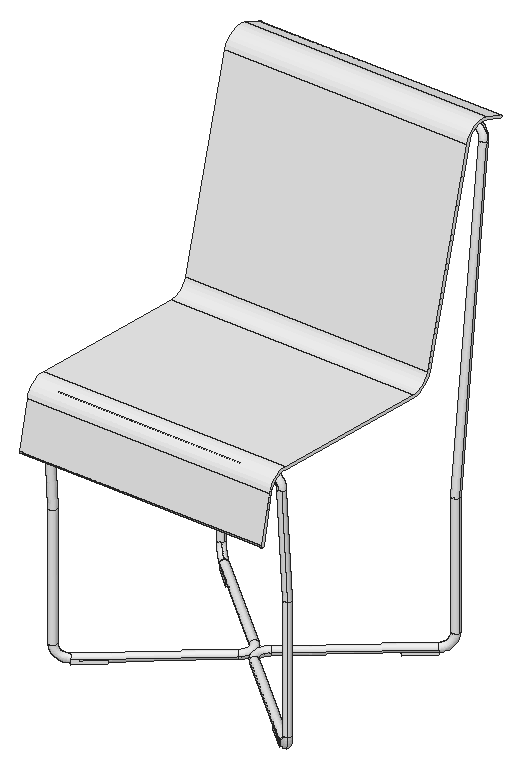
Revit family
Parameters (values of type "SUPER-X")
  Width = 16.50"
  Weight (lbs) = 9
  Warranties = "7 Year Warranty"  # constant formula
  URL = "www.emeco.net"
  Trolly for tow Stacks = "N/A"  # constant formula
  Stackable = " Does Not Stack"  # constant formula
  Spinneybeck Volo Leather = "N/A"  # constant formula
  Sound Attenuation Pad = ""
  Seat Material = "EMECO-Recycled  Aluminum"  # constant formula
  Seat Height = 18.00"
  Seat & Back Finish = EMECO-Hand Brushed
  Product Name = "Superlight™ Chair"  # constant formula
  Outdoor Warranty = "7 Yr Warranty"  # constant formula
  Model = "SUPER-X"  # constant formula
  Manufacturer = "Emeco"  # constant formula
  Integrated Felt Glide = "YES"  # constant formula
  Height = 31.80"
  Frame Material = "EMECO-Recycled  Aluminum"  # constant formula
  Frame Finish = EMECO-Hand Brushed
  Fire Retardant Seat Pad = "N/A"  # constant formula
  Fire Retardant = "Certified Acc To Bs And Cal133"  # constant formula
  Description = ""
  Depth = 20.47"
  Created by = "Contino"  # constant formula
  Collaborator = "Frank Gehry"  # constant formula
  Back Material = "EMECO-Recycled  Aluminum"  # constant formula
  BIFMA = "Yes"  # constant formula
  Assembly Code = "E2020200"
Reference planes (in)
  plane 1 "Center Front/Back": y = 0.05408
  plane 2 "Top/Bottom": z = 0
  plane 3 "Center Left/Right": x = -0.21161
  plane 4 "Left 1": x = -8.46161
  plane 5 "Right 1": x = 8.03839
  plane 6 "Front 1": y = -20.41592
  plane 7 "Top 2": z = 31.8
  plane 8 "Top 1": z = 18
Forms (in)
  Sweep 1, solid, material "EMECO-Hand Brushed" <- "Seat & Back Finish"
    path origin (0, 0, 0) x (1, 0, 0) y (0, 1, 0)
      loop
        line (8.03839, 0) -> (-8.4855, 0)
    profile origin (-0.22356, 0, 0) x (0, -1, 0) y (0, 0, 1)
      loop
        line (19.58797, 16.83987) -> (20.20216, 13.90433)
        arc (20.20216, 13.90433) -> (20.30002, 13.84033) -> (20.36401, 13.93819) r 0.08268
        line (20.36401, 13.93819) -> (19.74982, 16.87374)
        arc (19.74982, 16.87374) -> (19.26115, 17.65879) -> (18.38134, 17.9435) r 1.34646
        line (18.38134, 17.9435) -> (7.43744, 17.53231)
        arc (7.43744, 17.53231) -> (6.69235, 17.76182) -> (6.25259, 18.40559) r 1.1811
        line (6.25259, 18.40559) -> (2.90772, 30.83218)
        arc (2.90772, 30.83218) -> (2.2436, 31.66896) -> (1.17908, 31.75868) r 1.34646
        line (1.17908, 31.75868) -> (0, 31.3629)
        arc (0, 31.3629) -> (-0.05207, 31.25821) -> (0.05262, 31.20614) r 0.08268
        line (0.05262, 31.20614) -> (1.2317, 31.60192)
        arc (1.2317, 31.60192) -> (2.16549, 31.52322) -> (2.74805, 30.7892) r 1.1811
        line (2.74805, 30.7892) -> (6.09292, 18.36261)
        arc (6.09292, 18.36261) -> (6.59425, 17.62871) -> (7.44365, 17.36707) r 1.34646
        line (7.44365, 17.36707) -> (18.38755, 17.77826)
        arc (18.38755, 17.77826) -> (19.15931, 17.52852) -> (19.58797, 16.83987) r 1.1811
  Sweep 2, solid, material "EMECO-Hand Brushed" <- "Frame Finish"
    path origin (0, 0, 0) x (1, 0, 0) y (0, 1, 0)
      loop
        line (-7.52814, -17.28005) -> (-0.78057, -11.41377)
        arc (-0.78057, -11.41377) -> (-0.45967, -10.70954) -> (-0.78062, -10.00533) r 0.93313
        line (-0.78062, -10.00533) -> (-7.52813, -4.13988)
    profile origin (-4.15438, -7.0726, 0) x (-0.656054, -0.754714, 0) y (0, 0, 1)
      loop
        circle (0, 0.30451) r 0.25
  Sweep 3, solid, material "EMECO-Hand Brushed" <- "Frame Finish"
    path in 3D
      loop
        spline (-7.29934, -1.29961, 31.19826) -> (-7.41934, -1.30048, 31.19062) -> (-7.53919, -1.30315, 31.16725) -> (-7.65581, -1.30761, 31.12817) -> (-7.76616, -1.31378, 31.07417) -> (-7.86714, -1.32141, 31.00733) -> (-7.95738, -1.33036, 30.92902) -> (-8.03702, -1.34057, 30.83963) -> (-8.1052, -1.35201, 30.73943) -> (-8.16025, -1.3645, 30.63005) -> (-8.20027, -1.3777, 30.51451) -> (-8.2245, -1.39125, 30.39588) -> (-8.23296, -1.4048, 30.2772)
        line (-8.23296, -1.4048, 30.2772) -> (-8.23296, -3.77521, 9.52349) -> (-8.23296, -3.77521, 1.24016)
    profile origin (-8.23296, -3.77521, 5.38183) x (-0.454753, -0.890618, 0) y (0.890618, -0.454753, 0)
      loop
        circle (-0.22265, -0.11369) r 0.25
  Sweep 4, solid, material "EMECO-Hand Brushed" <- "Frame Finish"
    path origin (-8.07016, -3.63268, 48) x (-0.75031, 0.661087, 0) y (0, 0, 1)
      loop
        arc (-0.73835, -47.44488) -> (-0.25395, -47.24424) -> (-0.05331, -46.75984) r 0.68504
    profile origin (-7.87962, -3.80056, 0.75576) x (0.530549, -0.467459, 0.707107) y (0.661087, 0.75031, 0)
      loop
        circle (-0.24457, -0.0296) r 0.25
  Sweep 5, solid, material "EMECO-Hand Brushed" <- "Frame Finish"
    path origin (-8.07016, -17.7892, 48) x (-0.75031, -0.661087, 0) y (0, 0, -1)
      loop
        arc (-0.73835, 47.44488) -> (-0.25395, 47.24424) -> (-0.05331, 46.75984) r 0.68504
    profile origin (-7.87962, -17.62132, 0.75576) x (-0.530549, -0.467459, -0.707107) y (0.661087, -0.75031, 0)
      loop
        circle (0.24457, -0.0296) r 0.25
  Sweep 6, solid, material "EMECO-Hand Brushed" <- "Frame Finish"
    path in 3D
      loop
        line (-8.2313, -17.64456, 1.24016) -> (-8.2313, -17.64456, 9.5039) -> (-8.2313, -18.13399, 16.51894)
    profile origin (-8.2313, -17.88928, 13.01142) x (-0.88531, 0.463875, 0.032364) y (-0.465002, -0.883163, -0.061616)
      loop
        spline (-0.02229, 0.45408) -> (-0.08572, 0.46912) -> (-0.15093, 0.46725) -> (-0.21346, 0.44858) -> (-0.26905, 0.4144) -> (-0.31393, 0.36703) -> (-0.34501, 0.30971) -> (-0.3602, 0.24633) -> (-0.35845, 0.18122) -> (-0.33989, 0.11881) -> (-0.30577, 0.06336) -> (-0.25843, 0.01864) -> (-0.20108, -0.01229)
        spline (-0.20108, -0.01229) -> (-0.13765, -0.02733) -> (-0.07244, -0.02545) -> (-0.00991, -0.00679) -> (0.04568, 0.02739) -> (0.09055, 0.07476) -> (0.12164, 0.13209) -> (0.13683, 0.19547) -> (0.13508, 0.26058) -> (0.11652, 0.32299) -> (0.0824, 0.37844) -> (0.03506, 0.42315) -> (-0.02229, 0.45408)
  Sweep 7, solid, material "EMECO-Hand Brushed" <- "Frame Finish"
    path origin (479.99219, -18.38553, 16.50139) x (0, -0.069599, 0.997575) y (1, 0, 0)
      loop
        arc (0, -488.22629) -> (0.6514, -487.95647) -> (0.92122, -487.30507) r 0.92122
    profile origin (-7.96428, -18.43086, 17.15121) x (0.707107, 0.049214, -0.705392) y (0, 0.997575, 0.069599)
      loop
        circle (0, 0) r 0.25
  Sweep 8, solid, material "EMECO-Hand Brushed" <- "Frame Finish"
    path origin (-0.44425, 0, 0) x (-1, 0, 0) y (0, 1, 0)
      loop
        line (-7.52814, -17.28005) -> (-0.78057, -11.41377)
        arc (-0.78057, -11.41377) -> (-0.45967, -10.70954) -> (-0.78062, -10.00533) r 0.93313
        line (-0.78062, -10.00533) -> (-7.52813, -4.13988)
    profile origin (3.71012, -7.0726, 0) x (-0.656054, 0.754714, 0) y (0, 0, 1)
      loop
        circle (0, 0.30451) r 0.25
  Sweep 9, solid, material "EMECO-Hand Brushed" <- "Frame Finish"
    path in 3D
      loop
        spline (6.85509, -1.29961, 31.19826) -> (6.97509, -1.30048, 31.19062) -> (7.09494, -1.30315, 31.16725) -> (7.21156, -1.30761, 31.12817) -> (7.32191, -1.31378, 31.07417) -> (7.42289, -1.32141, 31.00733) -> (7.51313, -1.33036, 30.92902) -> (7.59277, -1.34057, 30.83963) -> (7.66094, -1.35201, 30.73943) -> (7.716, -1.3645, 30.63005) -> (7.75602, -1.3777, 30.51451) -> (7.78025, -1.39125, 30.39588) -> (7.78871, -1.4048, 30.2772)
        line (7.78871, -1.4048, 30.2772) -> (7.78871, -3.77521, 9.52349) -> (7.78871, -3.77521, 1.24016)
    profile origin (7.78871, -3.77521, 5.38183) x (0.454753, -0.890618, 0) y (0.890618, 0.454753, 0)
      loop
        circle (-0.22265, 0.11369) r 0.25
  Sweep 10, solid, material "EMECO-Hand Brushed" <- "Frame Finish"
    path origin (7.62591, -3.63268, 48) x (0.75031, 0.661087, 0) y (0, 0, -1)
      loop
        arc (-0.73835, 47.44488) -> (-0.25395, 47.24424) -> (-0.05331, 46.75984) r 0.68504
    profile origin (7.43537, -3.80056, 0.75576) x (0.530549, 0.467459, -0.707107) y (-0.661087, 0.75031, 0)
      loop
        circle (0.24457, -0.0296) r 0.25
  Sweep 11, solid, material "EMECO-Hand Brushed" <- "Frame Finish"
    path origin (7.62591, -17.7892, 48) x (0.75031, -0.661087, 0) y (0, 0, 1)
      loop
        arc (-0.73835, -47.44488) -> (-0.25395, -47.24424) -> (-0.05331, -46.75984) r 0.68504
    profile origin (7.43537, -17.62132, 0.75576) x (-0.530549, 0.467459, 0.707107) y (-0.661087, -0.75031, 0)
      loop
        circle (-0.24457, -0.0296) r 0.25
  Sweep 12, solid, material "EMECO-Hand Brushed" <- "Frame Finish"
    path in 3D
      loop
        line (7.77923, -17.65238, 1.24016) -> (7.77923, -17.65238, 9.5039) -> (7.77923, -18.1418, 16.51894)
    profile origin (7.77923, -17.89709, 13.01142) x (-0.88531, -0.463875, -0.032364) y (0.465002, -0.883163, -0.061616)
      loop
        spline (0.02229, 0.45408) -> (-0.03506, 0.42315) -> (-0.0824, 0.37844) -> (-0.11652, 0.32299) -> (-0.13508, 0.26058) -> (-0.13683, 0.19547) -> (-0.12164, 0.13209) -> (-0.09055, 0.07476) -> (-0.04568, 0.02739) -> (0.00991, -0.00679) -> (0.07244, -0.02545) -> (0.13765, -0.02733) -> (0.20108, -0.01229)
        spline (0.20108, -0.01229) -> (0.25843, 0.01864) -> (0.30577, 0.06336) -> (0.33989, 0.11881) -> (0.35845, 0.18122) -> (0.3602, 0.24633) -> (0.34501, 0.30971) -> (0.31393, 0.36703) -> (0.26905, 0.4144) -> (0.21346, 0.44858) -> (0.15093, 0.46725) -> (0.08572, 0.46912) -> (0.02229, 0.45408)
  Sweep 13, solid, material "EMECO-Hand Brushed" <- "Frame Finish"
    path origin (-480.44425, -18.38553, 16.50139) x (0, -0.069599, 0.997575) y (1, 0, 0)
      loop
        arc (0, 488.22629) -> (0.6514, 487.95647) -> (0.92122, 487.30507) r 0.92122
    profile origin (7.51222, -18.43086, 17.15121) x (0.707107, -0.049214, 0.705392) y (0, 0.997575, 0.069599)
      loop
        circle (0, 0) r 0.25
  Sweep 14, solid, material "EMECO-Hand Brushed" <- "Frame Finish"
    path origin (0, 0, 0) x (1, 0, 0) y (0, 1, 0)
      loop
        line (-7.30507, -18.44961) -> (6.86082, -18.44961)
    profile origin (-0.22213, -18.44961, 0) x (0, 1, 0) y (0, 0, 1)
      loop
        circle (-0.00064, 17.42917) r 0.24984
      loop
        circle (17.3984, 31.16992) r 0.24989
  Sweep 15, solid, material "EMECO-Hand Brushed" <- "Frame Finish"
    path origin (0, 0, 0) x (1, 0, 0) y (0, 1, 0)
      loop
        line (-7.53574, -4.143) -> (-6.05595, -5.44682)
    profile origin (-6.79584, -4.79491, 0) x (0.661087, 0.75031, 0) y (0, 0, 1)
      loop
        line (0.25759, 0) -> (0.25737, 0.30451)
        spline (0.25737, 0.30451) -> (0.24965, 0.24289) -> (0.22699, 0.18507) -> (0.19078, 0.13462) -> (0.14324, 0.09466) -> (0.08733, 0.06764) -> (0.02648, 0.05524) -> (-0.03555, 0.05822) -> (-0.09493, 0.0764) -> (-0.14799, 0.10865) -> (-0.19147, 0.15299) -> (-0.22269, 0.20668) -> (-0.2397, 0.2664)
        line (-0.2397, 0.2664) -> (-0.2397, 0) -> (0.25759, 0)
  Sweep 16, solid, material "EMECO-Hand Brushed" <- "Frame Finish"
    path origin (-0.44667, 0, 0) x (-1, 0, 0) y (0, 1, 0)
      loop
        line (-7.53574, -4.143) -> (-6.05595, -5.44682)
    profile origin (6.34918, -4.79491, 0) x (0.661087, -0.75031, 0) y (0, 0, 1)
      loop
        line (-0.25759, 0) -> (0.2397, 0) -> (0.2397, 0.2664)
        spline (0.2397, 0.2664) -> (0.22269, 0.20668) -> (0.19147, 0.15299) -> (0.14799, 0.10865) -> (0.09493, 0.0764) -> (0.03555, 0.05822) -> (-0.02648, 0.05524) -> (-0.08733, 0.06764) -> (-0.14324, 0.09466) -> (-0.19078, 0.13462) -> (-0.22699, 0.18507) -> (-0.24965, 0.24289) -> (-0.25737, 0.30451)
        line (-0.25737, 0.30451) -> (-0.25759, 0)
  Sweep 17, solid, material "EMECO-Hand Brushed" <- "Frame Finish"
    path origin (0, -21.42551, 0) x (1, 0, 0) y (0, -1, 0)
      loop
        line (-7.53574, -4.143) -> (-6.05595, -5.44682)
    profile origin (-6.79584, -16.6306, 0) x (-0.661087, 0.75031, 0) y (0, 0, 1)
      loop
        line (-0.25759, 0) -> (0.2397, 0) -> (0.2397, 0.2664)
        spline (0.2397, 0.2664) -> (0.22269, 0.20668) -> (0.19147, 0.15299) -> (0.14799, 0.10865) -> (0.09493, 0.0764) -> (0.03555, 0.05822) -> (-0.02648, 0.05524) -> (-0.08733, 0.06764) -> (-0.14324, 0.09466) -> (-0.19078, 0.13462) -> (-0.22699, 0.18507) -> (-0.24965, 0.24289) -> (-0.25737, 0.30451)
        line (-0.25737, 0.30451) -> (-0.25759, 0)
  Sweep 18, solid, material "EMECO-Hand Brushed" <- "Frame Finish"
    path origin (-0.44667, -21.42551, 0) x (-1, 0, 0) y (0, -1, 0)
      loop
        line (-7.53574, -4.143) -> (-6.05595, -5.44682)
    profile origin (6.34918, -16.6306, 0) x (-0.661087, -0.75031, 0) y (0, 0, 1)
      loop
        line (0.25759, 0) -> (0.25737, 0.30451)
        spline (0.25737, 0.30451) -> (0.24965, 0.24289) -> (0.22699, 0.18507) -> (0.19078, 0.13462) -> (0.14324, 0.09466) -> (0.08733, 0.06764) -> (0.02648, 0.05524) -> (-0.03555, 0.05822) -> (-0.09493, 0.0764) -> (-0.14799, 0.10865) -> (-0.19147, 0.15299) -> (-0.22269, 0.20668) -> (-0.2397, 0.2664)
        line (-0.2397, 0.2664) -> (-0.2397, 0) -> (0.25759, 0)
Lines and regions (in)
  Masking region 1
    outline origin (0, 0, 0) x (1, 0, 0) y (0, 1, 0)
      loop
        line (-8.46161, 0.05408) -> (-8.46161, -20.41592) -> (8.03839, -20.41592) -> (8.03839, 0.05408) -> (-8.46161, 0.05408)
  Masking region 2
    outline origin (-0.42323, 0.05408, 0) x (-1, 0, 0) y (0, 0, 1)
      loop
        line (-7.95498, 13.84455) -> (7.53175, 13.84455) -> (7.53175, 1.19315)
        arc (7.53175, 1.19315) -> (7.40439, 0.77551) -> (7.06566, 0.5) r 0.74846
        line (7.06566, 0.5) -> (0.05088, 0.5)
        arc (0.05088, 0.5) -> (-0.19912, 0.25) -> (0.05088, 0) r 0.25
        line (0.05088, 0) -> (7.27938, 0)
        arc (7.27938, 0) -> (7.83149, 0.46019) -> (8.03839, 1.14852) r 1.24846
        line (8.03839, 1.14852) -> (8.03839, 31.8) -> (-8.46161, 31.8) -> (-8.46161, 1.14852)
        arc (-8.46161, 1.14852) -> (-8.25472, 0.46019) -> (-7.7026, 0) r 1.24846
        line (-7.7026, 0) -> (-0.47411, 0)
        arc (-0.47411, 0) -> (-0.22411, 0.25) -> (-0.47411, 0.5) r 0.25
        line (-0.47411, 0.5) -> (-7.48889, 0.5)
        arc (-7.48889, 0.5) -> (-7.82762, 0.77551) -> (-7.95498, 1.19315) r 0.74846
        line (-7.95498, 1.19315) -> (-7.95498, 13.84455)
  Masking region 3
    outline origin (-0.21161, 0, 0) x (0, 1, 0) y (0, 0, 1)
      loop
        line (-18.69884, 17.40914) -> (-18.14621, 9.49093) -> (-18.14621, 1.18031)
        arc (-18.14621, 1.18031) -> (-17.95666, 0.49299) -> (-17.44158, 0) r 1.34086
        line (-17.44158, 0) -> (-4.1051, 0)
        arc (-4.1051, 0) -> (-3.47845, 0.44313) -> (-3.27845, 1.18412) r 1.13208
        line (-3.27845, 1.18412) -> (-3.27845, 9.48791) -> (-0.79746, 31.18186)
        arc (-0.79746, 31.18186) -> (-1.01896, 31.41594) -> (-1.28759, 31.23792) r 0.25038
        line (-1.28759, 31.23792) -> (-3.77185, 9.51537) -> (-3.77185, 1.18412)
        arc (-3.77185, 1.18412) -> (-3.87068, 0.79695) -> (-4.143, 0.50452) r 0.80778
        line (-4.143, 0.50452) -> (-17.27888, 0.50452)
        arc (-17.27888, 0.50452) -> (-17.56497, 0.78909) -> (-17.64732, 1.18412) r 0.70257
        line (-17.64732, 1.18412) -> (-17.64732, 9.5085) -> (-18.20114, 17.44387)
        arc (-18.20114, 17.44387) -> (-18.46736, 17.67535) -> (-18.69884, 17.40914) r 0.24945
      loop
        line (-20.20216, 13.96083) -> (-19.58797, 16.89637)
        arc (-19.58797, 16.89637) -> (-19.15931, 17.58502) -> (-18.38755, 17.83476) r 1.1811
        line (-18.38755, 17.83476) -> (-7.43494, 17.42324)
        arc (-7.43494, 17.42324) -> (-6.58554, 17.68488) -> (-6.08421, 18.41878) r 1.34646
        line (-6.08421, 18.41878) -> (-2.762, 30.76121)
        arc (-2.762, 30.76121) -> (-2.17944, 31.49522) -> (-1.24565, 31.57392) r 1.1811
        line (-1.24565, 31.57392) -> (-0.05262, 31.17347)
        arc (-0.05262, 31.17347) -> (0.05207, 31.22554) -> (0, 31.33022) r 0.08268
        line (0, 31.33022) -> (-1.19303, 31.73068)
        arc (-1.19303, 31.73068) -> (-2.25755, 31.64096) -> (-2.92167, 30.80418) r 1.34646
        line (-2.92167, 30.80418) -> (-6.24388, 18.46176)
        arc (-6.24388, 18.46176) -> (-6.68364, 17.81799) -> (-7.42874, 17.58848) r 1.1811
        line (-7.42874, 17.58848) -> (-18.38134, 18)
        arc (-18.38134, 18) -> (-19.26115, 17.71529) -> (-19.74982, 16.93024) r 1.34646
        line (-19.74982, 16.93024) -> (-20.36401, 13.99469)
        arc (-20.36401, 13.99469) -> (-20.30002, 13.89683) -> (-20.20216, 13.96083) r 0.08268
  sketch lines
    curve 1: line (-8.23296, -3.77521, 9.52349) -> (-8.23296, -3.77521, 1.24016)
    curve 2: line (-8.23296, -1.4048, 30.2772) -> (-8.23296, -3.77521, 9.52349)
    curve 3: spline (-8.23296, -1.4048, 30.2772) -> (-8.2245, -1.39125, 30.39588) -> (-8.20027, -1.3777, 30.51451) -> (-8.16025, -1.3645, 30.63005) -> (-8.1052, -1.35201, 30.73943) -> (-8.03702, -1.34057, 30.83963) -> (-7.95738, -1.33036, 30.92902) -> (-7.86714, -1.32141, 31.00733) -> (-7.76616, -1.31378, 31.07417) -> (-7.65581, -1.30761, 31.12817) -> (-7.53919, -1.30315, 31.16725) -> (-7.41934, -1.30048, 31.19062) -> (-7.29934, -1.29961, 31.19826)
    curve 4: line (-8.2313, -17.64456, 9.5039) -> (-8.2313, -18.13399, 16.51894)
    curve 5: line (-8.2313, -17.64456, 1.24016) -> (-8.2313, -17.64456, 9.5039)
    curve 6: line (7.78871, -3.77521, 9.52349) -> (7.78871, -3.77521, 1.24016)
    curve 7: line (7.78871, -1.4048, 30.2772) -> (7.78871, -3.77521, 9.52349)
    curve 8: spline (7.78871, -1.4048, 30.2772) -> (7.78025, -1.39125, 30.39588) -> (7.75602, -1.3777, 30.51451) -> (7.716, -1.3645, 30.63005) -> (7.66094, -1.35201, 30.73943) -> (7.59277, -1.34057, 30.83963) -> (7.51313, -1.33036, 30.92902) -> (7.42289, -1.32141, 31.00733) -> (7.32191, -1.31378, 31.07417) -> (7.21156, -1.30761, 31.12817) -> (7.09494, -1.30315, 31.16725) -> (6.97509, -1.30048, 31.19062) -> (6.85509, -1.29961, 31.19826)
    curve 9: line (7.77923, -17.65238, 9.5039) -> (7.77923, -18.1418, 16.51894)
    curve 10: line (7.77923, -17.65238, 1.24016) -> (7.77923, -17.65238, 9.5039)
  symbolic lines
    curve 11: line (-8.4855, -20.41592, 18) -> (8.03839, -20.41592, 18)
    curve 12: line (7.53175, -20.41592, 13.84455) -> (8.03175, -20.41592, 13.84455)
    curve 13: line (-7.95498, -20.41592, 13.84455) -> (-8.46161, -20.41592, 13.84455)
    curve 14: line (-8.46161, -18.38134, 0) -> (8.03839, -18.38134, 0)
    curve 15: line (-8.46161, -2.90835, 0) -> (8.03839, -2.90835, 0)
    curve 16: line (-5.88566, -20.41592, 0.05002) -> (-7.7026, -20.41592, 0.05002)
    curve 17: line (5.43899, -20.41592, 0.05002) -> (7.24754, -20.41592, 0.05002)
Dimensions and locks (in)
  plane 5 "Right 1" to plane 4 "Left 1" = 16.50"
  level to plane 7 "Top 2" = 31.80"
  plane 7 "Top 2" to level = 31.80"
  plane 6 "Front 1" to plane 1 "Center Front/Back" = 20.47"  (x2)
  plane 4 "Left 1" to plane 5 "Right 1" = 16.50"
  plane 2 "Top/Bottom" to plane 8 "Top 1" = 18.00"
  plane 8 "Top 1" to level = 18.00"
  aligned and locked: plane 5 "Right 1" to Sweep 1 sketch curve
  aligned: Sweep 1 to Masking region 1 sketch curve
  aligned and locked: Sweep 1 to Masking region 1 sketch curve
  aligned: plane 1 "Center Front/Back" to Masking region 1 sketch curve
  aligned: Masking region 1 sketch curve to plane 6 "Front 1"
  aligned and locked: Masking region 2 sketch curve to plane 7 "Top 2"
  aligned: plane 4 "Left 1" to Masking region 2 sketch curve
  aligned: Masking region 2 sketch curve to plane 5 "Right 1"
